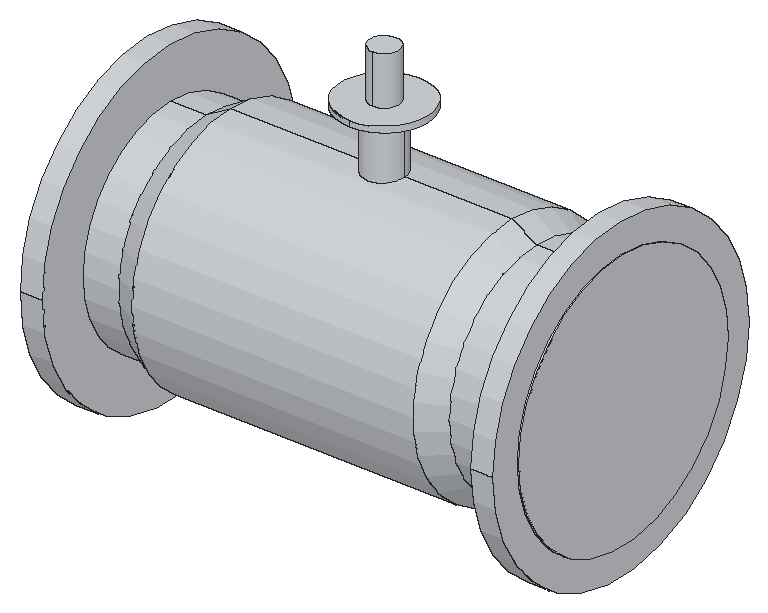
Revit family "КШТ.61.103.ХХХ.Б", category Pipe Accessories, Revit 2015
Parameters (values of type "DN350 PN25")
  rv = dv / 2  # 188.5 mm
  rs2 = rs * 3  # 75 mm
  rs1 = rs + 10 mm  # 35 mm
  rs = ds / 2  # 25 mm
  i = 84 mm
  dv = 377 mm
  ds = 50 mm
  Weight = "210"
  Valve Material = none
  RN = DN / 2  # 175 mm
  RH = DH / 2  # 213 mm
  Model = "Балломакс"
  Manufacturer = "Броен"
  H2 = 321 mm
  Flange_h = 4 mm
  Flange_R2 = Flange_D2 / 2  # 225 mm
  Flange_R = Flange_D / 2  # 275 mm
  L = 824 mm
  K Coefficient = 0.31
  Flange_B = 42 mm
  Description = "Кран стальной шаровый, стандартнопроходной, фланцевый"
  DN = 350 mm
  DH = 426 mm
  Flange_D2 = 450 mm
  Flange_D = 550 mm
  Assembly Code = "КШТ 61.103.350.Б"
Types (8, lengths in mm): name | rv | rs2 | rs1 | rs | i | dv | ds | Weight | RN | RH | H2 | Flange_R2 | Flange_R | L | Flange_B | DN | DH | Flange_D2 | Flange_D | Assembly Code
  DN300 PN16 | 162.5 | 75 | 35 | 25 | 89.5 | 325 | 50 | "165" | 150 | 213 | 321 | 185 | 230 | 745 | 32 | 300 | 426 | 370 | 460 | "КШТ 61.103.300.Б"
  DN300 PN25 | 162.5 | 75 | 35 | 25 | 89.5 | 325 | 50 | "165" | 150 | 213 | 321 | 195 | 242.5 | 745 | 36 | 300 | 426 | 390 | 485 | "КШТ 61.103.300.Б"
  DN500 PN16 | 265 | 120 | 50 | 40 | 112.5 | 530 | 80 | "503" | 250 | 330 | 459 | 292.5 | 355 | 1149 | 48 | 500 | 660 | 585 | 710 | "КШТ 61.103.500.Б"
  DN500 PN25 | 265 | 120 | 50 | 40 | 112.5 | 530 | 80 | "503" | 250 | 330 | 459 | 307.5 | 365 | 1149 | 52 | 500 | 660 | 615 | 730 | "КШТ 61.103.500.Б"
  DN400 PN16 | 213 | 90 | 40 | 30 | 100 | 426 | 60 | "266" | 200 | 254 | 355 | 241 | 290 | 955 | 38 | 400 | 508 | 482 | 580 | "КШТ 61.103.400.Б"
  DN400 PN25 | 213 | 90 | 40 | 30 | 100 | 426 | 60 | "266" | 200 | 254 | 355 | 252.5 | 305 | 955 | 44 | 400 | 508 | 505 | 610 | "КШТ 61.103.400.Б"
  DN350 PN16 | 188.5 | 75 | 35 | 25 | 84 | 377 | 50 | "210" | 175 | 213 | 321 | 215 | 260 | 824 | 34 | 350 | 426 | 430 | 520 | "КШТ 61.103.350.Б"
  DN350 PN25 | 188.5 | 75 | 35 | 25 | 84 | 377 | 50 | "210" | 175 | 213 | 321 | 225 | 275 | 824 | 42 | 350 | 426 | 450 | 550 | "КШТ 61.103.350.Б"
Reference planes
  plane 1 "Center (Front/Back)": y = 0
  plane 2: z = 0
  plane 3 "Center (Left/Right)": x = 0
  plane 4: x = -412
  plane 5: x = 412
  plane 6: x = -370
  plane 7: x = 370
  plane 8: z = 213
  plane 9: x = -312
  plane 10: x = 312
  plane 11: x = 408
  plane 12: x = -408
  plane 13: z = 188.5
  plane 14: z = 311
  plane 15: z = 321
  plane 16: z = 405
Forms (mm)
  Extrusion 1, solid
    sketch origin (0, 0, 0) x (0, 1, 0) y (0, 0, 1)
      loop
        circle (0, 0) r 275
    from 370 to 408
  Extrusion 2, solid
    sketch origin (0, 0, 0) x (0, 1, 0) y (0, 0, -1)
      loop
        circle (0, 0) r 275
    from 370 to 408
  Revolve 3, solid
    sketch origin (0, 0, 0) x (1, 0, 0) y (0, 0, 1)
      loop
        line (-370, 0) -> (370, 0) -> (370, 188.5) -> (262.637, 188.5) -> (220.201, 213) -> (-265.235, 213) -> (-307.67, 188.5) -> (-370, 188.5) -> (-370, 0)
      axis (-370, 0) -> (370, 0)
    angle from 0 to 360
  Extrusion 4, solid
    sketch origin (-120, 0, 0) x (0, 1, 0) y (0, 0, -1)
      loop
        circle (0, 0) r 225
    from 288 to 292
  Extrusion 5, solid
    sketch origin (120, 0, 0) x (0, 1, 0) y (0, 0, 1)
      loop
        circle (0, 0) r 225
    from 288 to 292
  Extrusion 6, solid
    sketch origin (0, 0, 0) x (1, 0, 0) y (0, 1, 0)
      loop
        circle (0, 0) r 35
    from 0 to 311
  Extrusion 7, solid
    sketch origin (0, 0, 622) x (0, -1, 0) y (1, 0, 0)
      loop
        circle (0, 0) r 75
    from -311 to -301
  Extrusion 8, solid
    sketch origin (0, 0, 722) x (0, -1, 0) y (1, 0, 0)
      loop
        circle (0, 0) r 25
    from -401 to -317
Cuts and joins
  joined: Revolve 3, Extrusion 6
  joined: Extrusion 7, Extrusion 8
Dimensions and locks
  equal spacing: plane 4, plane 3 "Center (Left/Right)", plane 5
  equal spacing: plane 5, plane 3 "Center (Left/Right)", plane 4
  "L": plane 5 to plane 4
  "RH": plane 8 to plane 2
  "rv": plane 13 to level
  "Flange_h": plane 12 to plane 4
  "Flange_h": plane 11 to plane 5
  "Flange_B": plane 6 to plane 4
  "Flange_B": plane 7 to plane 5
  plane 9 to plane 4 = 100 mm
  plane 10 to plane 5 = 100 mm
  "H2": plane 15 to level
  plane 15 to plane 14 = 10 mm
  "i": plane 16 to plane 15
  "Flange_R": radius of Extrusion 1 sketch curve
  "Flange_R": radius of Extrusion 2 sketch curve
  "Flange_R2": radius of Extrusion 4 sketch curve
  "Flange_R2": radius of Extrusion 5 sketch curve
  "rs": radius of Extrusion 8 sketch curve
  "rs1": radius of Extrusion 6 sketch curve
  "rs2": radius of Extrusion 7 sketch curve
  angle Revolve 3 sketch curve to Revolve 3 sketch curve = 30.00°  (x2)
  aligned and locked: plane 6 to Extrusion 2
  aligned and locked: plane 7 to Extrusion 1
  aligned and locked: plane 6 to Revolve 3 sketch curve
  aligned and locked: plane 7 to Revolve 3 sketch curve
  aligned and locked: Revolve 3 sketch curve to plane 8
  aligned and locked: Extrusion 2 to plane 12
  aligned and locked: Extrusion 1 to plane 11
  aligned and locked: plane 11 to Extrusion 5
  aligned and locked: Extrusion 5 to plane 5
  aligned and locked: Revolve 3 sketch curve to plane 13  (x2)
  aligned and locked: plane 14 to Extrusion 6
  aligned and locked: Extrusion 6 to level
  aligned and locked: Extrusion 7 to plane 14
  aligned and locked: plane 15 to Extrusion 7
  aligned and locked: plane 16 to Extrusion 8
  aligned and locked: plane 12 to Extrusion 4
  aligned and locked: Extrusion 4 to plane 4
Automatic sketch dimensions
  Extrusion 1 sketch curve to level = 0 mm
  Extrusion 1 sketch curve to plane 1 "Center (Front/Back)" = 0 mm
  Extrusion 2 sketch curve to level = 0 mm
  Extrusion 2 sketch curve to plane 1 "Center (Front/Back)" = 0 mm
  Revolve 3 sketch curve to level = 0 mm  (x2)
  Revolve 3 sketch curve to plane 6 = 0 mm
  plane 9 to Revolve 3 sketch curve = 4.33 mm
  plane 10 to Revolve 3 sketch curve = 91.799 mm
  Extrusion 4 sketch curve to level = 0 mm
  Extrusion 4 sketch curve to plane 1 "Center (Front/Back)" = 0 mm
  Extrusion 5 sketch curve to level = 0 mm
  Extrusion 5 sketch curve to plane 1 "Center (Front/Back)" = 0 mm
  plane 1 "Center (Front/Back)" to Extrusion 6 sketch curve = 0 mm
  Extrusion 6 sketch curve to plane 3 "Center (Left/Right)" = 0 mm
  plane 1 "Center (Front/Back)" to Extrusion 7 sketch curve = 0 mm
  Extrusion 7 sketch curve to plane 3 "Center (Left/Right)" = 0 mm
  plane 1 "Center (Front/Back)" to Extrusion 8 sketch curve = 0 mm
  Extrusion 8 sketch curve to plane 3 "Center (Left/Right)" = 0 mm
Connectors
  piping at (-412, 0, 0), diameter 350, driven by "RN"
    settings: on Extrusion 4, index 1, connector inside diameter 609.6 mm, connector length 0 mm, flow factor 0, pipe flow 0.0 L/s, pressure drop 0.0 Pa, fitting loss kfactor 0, connector angle 0.00°, fixture units 0, engagement length 0 mm, angle of deflection 0.00°, flow configuration 0, flow direction 0, fitting loss method 0, system type 29, joint type 0, gender type 0, connector reference index -1, connector utility 0, adjustable connector no, is connector primary yes, connector description ""
  piping at (412, 0, 0), diameter 350, driven by "RN"
    settings: on Extrusion 5, index 2, connector inside diameter 609.6 mm, connector length 0 mm, flow factor 0, pipe flow 0.0 L/s, pressure drop 0.0 Pa, fitting loss kfactor 0, connector angle 0.00°, fixture units 0, engagement length 0 mm, angle of deflection 0.00°, flow configuration 0, flow direction 0, fitting loss method 0, system type 29, joint type 0, gender type 0, connector reference index -1, connector utility 0, adjustable connector no, is connector primary no, connector description ""
